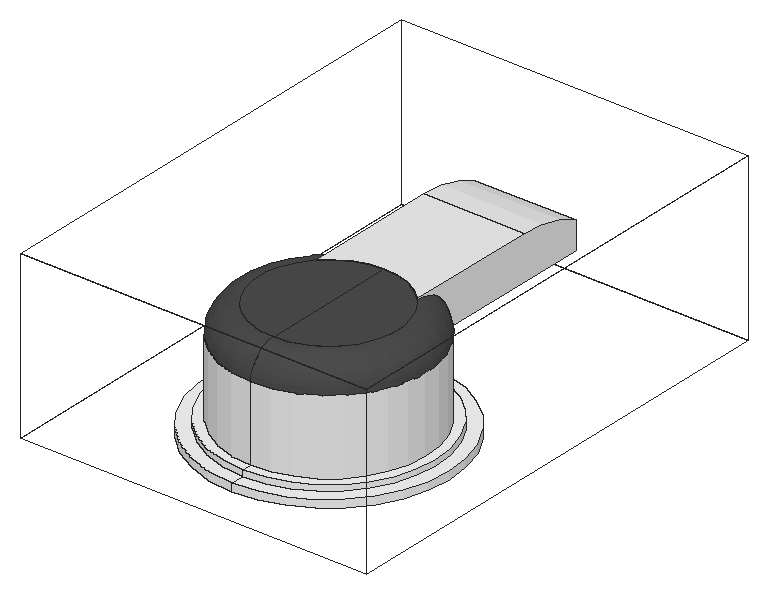
Revit family "Rax 200 - Generic", category Lighting Fixtures, Revit 2014
Parameters (values of type "Rax 200")
  Wattage Comments = ""
  WarrantyGuarantorParts = "n/a"
  WarrantyDurationParts = "n/a"
  WarrantyDescription = "n/a"
  Visible [instance] = yes
  Version = "v.1.0"
  Uniclass2 = "Pr_70_70_49_43 Light-Emitting Diode (LED) Luminaires"
  Uniclass 1.4 = "JY73"
  URL = "http://riegens.co.uk/rax-200"
  Type Mark = ""
  Transformer Length = 230 mm
  TotalWattage = "Max. 10W / 16W / 24W / 32W / 47W"
  TagNumber = "n/a"
  Switch ID [instance] = ""
  SustainabilityPerformance = "n/a"
  SupplyCircuitConductorConnections = "n/a"
  Size = "Ø200 mm"
  Shape = "Circle"
  ProductInformation = "http://riegens.co.uk/rax-200"
  PhotometricPerformance = "In accordance with BS EN 13032-1"
  PhaseReference = "IEC recommendations"
  Panel [instance] = ""
  Optic = "Plain, white or satin-matt reflector"
  OmniClass Title = "Luminaries for Internal Lighting"
  OmniClass Number = "23.80.70.11"
  NominalVoltage = "220-240V"
  Moves With Nearby Elements [instance] = no
  ModelReference = "Rax 200"
  Model = "Rax 200"
  Material = "Galvanized steel, aluminium and flame retardant PC"
  Mark [instance] = "1"
  ManufacturersSpecificInformation = "n/a"
  ManufacturerURL = "www.riegens.com"
  Manufacturer = "Riegens A/S"
  LuminaireType = "Recessed Direct, Narrow beam, Asymmetric LED Luminaire"
  LuminairePowerFactor = ">0,9"
  LightSource = "LED 3000K / 4000K"
  LightFixturePlacingType = "Ceiling"
  LightFixtureMountingType = "Recessed"
  Light Source Definition (family) = "Circle+HemiSpherical"
  LampType = "LED"
  LampRating = "9W / 15W / 21W / 29W / 44W"
  LampColourRenderingIndex = "Ra>80 / Ra>90"
  Lamp = ""
  InternalFuse = "Only required in emergency versions"
  InsulationStandardClass = "Class 1"
  IfcExportType = "NOTDEFINED'"
  IfcExportAs = "IfcLightFixtureType'"
  IP_Code = "IP20"
  Height 1 = 100 mm
  HasProtectiveEarth = "TRUE"
  Grade = "n/a"
  Finish = "Powder coated"
  Features = "n/a"
  Electrical Data [instance] = ""
  Documentation = "See URL hyperlink"
  DocumentReference = "See URL hyperlink"
  Diameter 1 = 223.037 mm
  Description = "70-80-35 General Lighting Systems"
  ControlGearPosition = "Integrated "
  Constituents = "n/a"
  Comments [instance] = ""
  Colour = "White, black, galvanized steel"
  built-in parameter 1114216 [instance] = (empty or 0)
  CodePerformance = "n/a"
  Clearance Zones = yes
  Circuit Number [instance] = ""
  built-in parameter 1140040 [instance] = (empty or 0)
  CCSTopnode = "L"
  CCSClassName = "Belysningsarmatur"
  CCSClassCode = "UAC"
  BarCode = "n/a"
  BallastsCELMAEnergyEfficiencyIndex = "Class A1/A2"
  BSAB 96 = "SNB.2"
  BIMObjectName = "Rax 200.rfa"
  Author = "3dbyggeri"
  AssetType = "Moveable/Fixed"
  AssetIdentifier = "n/a"
  Assembly Description = ""
  Assembly Code = ""
  ArticleNumber = "See URL hyperlink"
  Apparent Load = 240 VA
  AccessibilityPerformance = "n/a"
Reference planes
  plane 1 "Center (Front/Back)": y = 0
  plane 2: z = 0
  plane 3 "Center (Left/Right)": x = 0
Dimensions and locks
  aligned and locked: level to plane 2
Nested families
  nested 1: "Rax 200 - Dummy" at (0, 0, 0), type "Standard"
Connectors
  electrical at (0, 227, 72.5)
    settings: on nested 1, index 1, voltage 0 V, apparent load 0 VA, apparent load phase1 0 VA, apparent load phase2 0 VA, apparent load phase3 0 VA, power factor 1, load classification "Other", number of poles 1, system type 31, power factor state 1, is connector primary yes, connector utility no, sub classification motor no, connector description ""
Definition of nested family "Rax 200 - Dummy"
  Parameters (values of type "Standard")
    Wattage = 29 W
    WarrantyGuarantorParts = "n/a"
    WarrantyDurationParts = "n/a"
    WarrantyDescription = "n/a"
    built-in parameter 1150110 = 1 (stored number, unit not read)
    Version = "v.1.0"
    Uniclass2 = "Pr_70_70_49_43 Light-Emitting Diode (LED) Luminaires"
    Uniclass 1.4 = "JY73"
    URL = "http://riegens.co.uk/rax-200"
    Transformer Length = 230 mm
    Transformer = Riegens_Aluminum_powder coated white gloss 25
    TotalWattage = "Max. 10W / 16W / 24W / 32W / 48W"
    built-in parameter 1114217 = 1 (stored number, unit not read)
    Tilt Angle = 90.00°
    built-in parameter 1150109 = 1 (stored number, unit not read)
    built-in parameter 1150134 = 12
    TagNumber = "n/a"
    SustainabilityPerformance = "n/a"
    built-in parameter 1150113 = 1 (stored number, unit not read)
    SupplyCircuitConductorConnections = "n/a"
    Size = "Ø200 mm"
    Shape = "Circle"
    ProductInformation = "http://riegens.co.uk/rax-200"
    PhotometricPerformance = "In accordance with BS EN 13032-1"
    Photometric Web File = "RaX 200 29W LED 4000K Ra80 Refl. Satinmatt.ies"
    PhaseReference = "IEC recommendations"
    Optics = Riegens_Aluminum_Plain mirror
    Optic = "Plain, white or satin-matt reflector"
    NominalVoltage = "220-240V"
    ModelReference = "Rax 200"
    Model = "Rax 200"
    Material = "Galvanized steel, aluminium and flame retardant PC"
    ManufacturersSpecificInformation = "n/a"
    ManufacturerURL = "www.riegens.com"
    Manufacturer = "Riegens A/S"
    built-in parameter 1150105 = 226.16 (stored number, unit not read)
    Lumens = 2842 lm
    LuminaireType = "Recessed Direct, Narrow beam, Asymmetric LED Luminaire"
    LuminairePowerFactor = ">0,9"
    built-in parameter 1150115 = 1 (stored number, unit not read)
    LightSource = "LED 3000K / 4000K"
    LightFixturePlacingType = "Ceiling"
    LightFixtureMountingType = "Recessed"
    built-in parameter 1150137 = (empty or 0)
    built-in parameter 1150139 = (empty or 0)
    LampType = "LED"
    LampRating = "9W / 15W / 21W / 29W / 45W"
    LampColourRenderingIndex = "Ra>80 / Ra>90"
    built-in parameter 1150112 = 1 (stored number, unit not read)
    built-in parameter 1150114 = 1 (stored number, unit not read)
    InternalFuse = "Only required in emergency versions"
    InsulationStandardClass = "Class 1"
    built-in parameter 1150132 = (empty or 0)
    built-in parameter 1150102 = (empty or 0)
    built-in parameter 1150107 = 4000 (stored number, unit not read)
    built-in parameter 1150138 = (empty or 0)
    built-in parameter 1150106 = 2.2616 (stored number, unit not read)
    IfcExportType = "NOTDEFINED'"
    IfcExportAs = "IfcLightFixtureType'"
    IP_Code = "IP20"
    Housing = Riegens_Aluminum_powder coated white gloss 25
    Height 1 = 100 mm
    HasProtectiveEarth = "TRUE"
    Grade = "n/a"
    Frame = Riegens_Aluminum_powder coated white gloss 25
    Finish = "Powder coated"
    Features = "n/a"
    built-in parameter 1150104 = 9.1045 (stored number, unit not read)
    Documentation = "See URL hyperlink"
    DocumentReference = "See URL hyperlink"
    Dimming Lamp Color Temperature Shift = (empty or 0)
    Diameter 1 = 223.037 mm
    Description = "70-80-35 General Lighting Systems"
    ControlGearPosition = "Integrated "
    Constituents = "n/a"
    Colour = "White, black, galvanized steel"
    Color Filter = 16777215
    CodePerformance = "n/a"
    Clearance Zones = yes
    CCSTopnode = "L"
    CCSClassName = "Belysningsarmatur"
    CCSClassCode = "UAC"
    BarCode = "n/a"
    BallastsCELMAEnergyEfficiencyIndex = "Class A1/A2"
    built-in parameter 1114218 = 1 (stored number, unit not read)
    BSAB 96 = "SNB.2"
    BIMObjectName = "Rax 200.rfa"
    Author = "3dbyggeri"
    built-in parameter 1150133 = 10 (stored number, unit not read)
    AssetType = "Moveable/Fixed"
    AssetIdentifier = "n/a"
    ArticleNumber = "See URL hyperlink"
    Apparent Load = 240 VA
    AccessibilityPerformance = "n/a"
  Reference planes
    plane 1 "Light Source Axis (F/B)": y = 0
    plane 2: z = 0
    plane 3 "Light Source Axis (L/R)": x = 0
    plane 4 "Ceiling": z = 0
    plane 5 "Light Source Elevation": z = -7
    plane 6: z = -7
    plane 7: z = 5.2
    plane 8: z = 100
    plane 9: y = 227
    plane 10: z = -5
    plane 11: z = -3
    plane 12: x = -46.5
    plane 13: x = 46.5
    plane 14: z = 60
    plane 15: y = -85
    plane 16: y = -99.001
    plane 17: y = -111.518
  Forms (mm)
    Revolve 1, solid, material "Riegens_Aluminum_powder coated white gloss 25" <- "Housing"
      sketch origin (0, 0, -4000) x (0, 1, 0) y (0, 0, 1)
        loop
          line (-90, 4073.998) -> (-90, 4005.2) -> (-85, 4005.2) -> (-10.314, 4033.869) -> (0, 4033.869) -> (0, 4073.998) -> (-90, 4073.998)
        axis (0, 4073.998) -> (0, 4005.2)
      angle from 0 to 360
    Extrusion 2, solid, material "Riegens_Aluminum_powder coated white gloss 25" <- "Transformer"
      sketch origin (0, 0, -4000) x (0, 1, 0) y (0, 0, 1)
        loop
          line (43.962, 4060) -> (227, 4060) -> (227, 4085)
          arc (227, 4085) -> (198.266, 4096.191) -> (167.666, 4099.998) r 124.867
          line (167.666, 4099.998) -> (43.962, 4099.998) -> (43.962, 4060)
      from -46.5 to 46.5
    Extrusion 3, void
      sketch origin (0, 0, 0) x (0, 1, 0) y (0, 0, 1)
        loop
          line (77.057, 73.998) -> (43.962, 73.998) -> (43.962, 60) -> (77.057, 60) -> (77.057, 73.998)
      from -46.5 to 46.5
    Extrusion 4, void
      sketch origin (0, 0, -7) x (-1, 0, 0) y (0, -1, 0)
        loop
          line (46.5, -43.962) -> (-46.5, -43.962)
          arc (-46.5, -43.962) -> (0, -64.024) -> (46.5, -43.962) r 63.92
      from 67 to 107
    Revolve 5, solid, material "Riegens_Aluminum_powder coated black"
      sketch origin (0, 0, 0) x (0, 1, 0) y (0, 0, 1)
        loop
          line (-90.002, 73.998) -> (0, 73.998) -> (0, 100) -> (-64, 100)
          arc (-64, 100) -> (-82.386, 92.384) -> (-90.002, 73.998) r 26.002
        axis (0, 100) -> (0, 73.998)
      angle from 0 to 360
    Extrusion 6, solid, material "Clearance Zones", visible <- "Clearance Zones"
      sketch origin (0, 0, 0) x (1, 0, 0) y (0, 1, 0)
        loop
          line (-160, -155.938) -> (160, -155.938) -> (160, 284.062) -> (-160, 284.062) -> (-160, -155.938)
      from 0 to 152.96
    Revolve 7, solid, material "Riegens_Aluminum_Plain mirror" <- "Optics"
      sketch origin (0, 0, 0) x (0, 1, 0) y (0, 0, 1)
        loop
          line (-85, 5.2) -> (-82.003, 5.2) -> (-10, 32.839) -> (0, 32.839) -> (0, 33.869) -> (-10.314, 33.869) -> (-85, 5.2)
        axis (0, 33.869) -> (0, 5.2)
      angle from 0 to 360
    Revolve 8, solid, material "Riegens_Aluminiuml_Powder coated white RAL901025"
      sketch origin (0, 0, 0) x (0, 1, 0) y (0, 0, 1)
        loop
          line (-82.003, 5.2) -> (-99.001, 5.2) -> (-99.001, 0) -> (-111.518, 0) -> (-111.518, -7) -> (-82.003, -7) -> (-82.003, 5.2)
        axis (0, 5.2) -> (0, -7)
      angle from 0 to 360
  Cuts and joins
    Extrusion 3, Extrusion 4 cuts Extrusion 2
  Lines and regions (mm)
    Opening 1
      outline origin (0, 0, 0) x (1, 0, 0) y (0, 1, 0)
        loop
          circle (0, 0) r 99.001
    model lines
      curve 1: line (-46.5, 167.666, 100) -> (46.5, 167.666, 100)
  Dimensions and locks
    equal spacing: host sketch curve, plane 3 "Light Source Axis (L/R)", host sketch curve
    equal spacing: host sketch curve, plane 1 "Light Source Axis (F/B)", host sketch curve
    host sketch curve to host sketch curve = 4000 mm  (x2)
    locked: plane 4 "Ceiling" to host ceiling at 0
    "Height 1": plane 8 to level
    plane 7 to level = 5.2 mm
    plane 5 "Light Source Elevation" to level = 7 mm
    equal spacing: plane 12, plane 3 "Light Source Axis (L/R)", plane 13
    locked: plane 12 to plane 13 at 93
    plane 8 to plane 14 = 40 mm
    aligned and locked: curve 1 to Extrusion 3
    aligned and locked: Extrusion 3 to curve 1
  Automatic sketch dimensions
    Extrusion 2 sketch curve to plane 9 = 0 mm
    plane 5 "Light Source Elevation" to Extrusion 2 sketch curve = 17.869 mm
    Opening 1 sketch curve to plane 3 "Light Source Axis (L/R)" = 0 mm
    plane 1 "Light Source Axis (F/B)" to Opening 1 sketch curve = 0 mm
    Revolve 5 sketch curve to plane 8 = 0 mm  (x2)
    Revolve 5 sketch curve to plane 1 "Light Source Axis (F/B)" = 0 mm  (x2)
    Extrusion 4 sketch curve to plane 13 = 0 mm
    Extrusion 4 sketch curve to plane 3 "Light Source Axis (L/R)" = 0 mm
    Extrusion 4 sketch curve to plane 1 "Light Source Axis (F/B)" = 0.104 mm
    Opening 1 sketch curve to Opening 1 sketch curve = 99.001 mm
    plane 1 "Light Source Axis (F/B)" to Revolve 5 sketch curve = 64 mm
    Extrusion 2 sketch curve to plane 1 "Light Source Axis (F/B)" = 43.962 mm
    Extrusion 3 sketch curve to plane 1 "Light Source Axis (F/B)" = 43.962 mm
    Extrusion 3 sketch curve to Extrusion 3 sketch curve = 33.094 mm
    Extrusion 4 sketch curve to plane 1 "Light Source Axis (F/B)" = 43.962 mm
    Extrusion 2 sketch curve to plane 8 = 40 mm
    Extrusion 2 sketch curve to plane 8 = 15 mm
    Extrusion 3 sketch curve to plane 8 = 40 mm
    Extrusion 3 sketch curve to Extrusion 3 sketch curve = 13.998 mm
    Revolve 5 sketch curve to plane 8 = 26.002 mm
    Revolve 5 sketch curve to Revolve 5 sketch curve = 0 mm
    Extrusion 2 sketch curve to plane 8 = 0.002 mm
    curve 1 to plane 9 = 59.334 mm
    plane 12 to Extrusion 6 sketch curve = 113.5 mm
    plane 13 to Extrusion 6 sketch curve = 113.5 mm
    plane 1 "Light Source Axis (F/B)" to Extrusion 6 sketch curve = 155.938 mm
    plane 9 to Extrusion 6 sketch curve = 57.062 mm
    Revolve 1 sketch curve to plane 7 = 0 mm
    Revolve 1 sketch curve to plane 15 = 0 mm
    Revolve 1 sketch curve to plane 1 "Light Source Axis (F/B)" = 0 mm  (x2)
    Revolve 1 sketch curve to plane 5 "Light Source Elevation" = 40.869 mm
    Revolve 1 sketch curve to plane 15 = 5 mm
    plane 14 to Revolve 1 sketch curve = 13.998 mm
    Revolve 1 sketch curve to Revolve 1 sketch curve = 10.314 mm
    Revolve 1 sketch curve to plane 14 = 26.131 mm
    Revolve 1 sketch curve to Revolve 1 sketch curve = 0.008 mm
    Revolve 7 sketch curve to plane 7 = 0 mm
    Revolve 7 sketch curve to plane 15 = 0 mm
    Revolve 7 sketch curve to plane 1 "Light Source Axis (F/B)" = 0 mm  (x2)
    Revolve 7 sketch curve to Revolve 7 sketch curve = 2.997 mm
    Revolve 7 sketch curve to Revolve 7 sketch curve = 10.314 mm
    Revolve 7 sketch curve to Revolve 7 sketch curve = 0.314 mm
    Revolve 7 sketch curve to plane 14 = 27.161 mm
    Revolve 7 sketch curve to Revolve 7 sketch curve = 1.03 mm
    Revolve 7 sketch curve to Revolve 7 sketch curve = 12.664 mm
    Revolve 7 sketch curve to Revolve 7 sketch curve = 7.467 mm
    plane 5 "Light Source Elevation" to Revolve 8 sketch curve = 0 mm
    Revolve 8 sketch curve to plane 17 = 0 mm
    Revolve 8 sketch curve to plane 7 = 0 mm
    Revolve 8 sketch curve to plane 16 = 0 mm
    Revolve 8 sketch curve to plane 1 "Light Source Axis (F/B)" = 0 mm
    Revolve 8 sketch curve to level = 0 mm
    plane 15 to Revolve 8 sketch curve = 2.997 mm
    plane 5 "Light Source Elevation" to Revolve 8 sketch curve = 15.465 mm
    Revolve 8 sketch curve to plane 14 = 4.8 mm
  Connectors
    electrical at (0, 227, 72.5)
      settings: on Extrusion 2, index 1, voltage 0 V, apparent load 0 VA, apparent load phase1 0 VA, apparent load phase2 0 VA, apparent load phase3 0 VA, power factor 1, load classification "Other", number of poles 1, system type 31, power factor state 1, is connector primary yes, connector utility no, sub classification motor no, connector description ""
